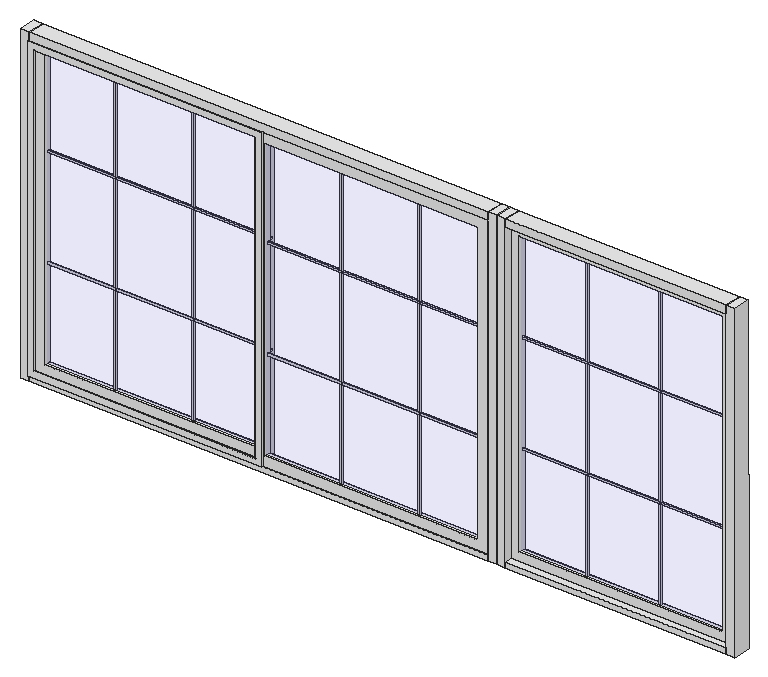
Revit family "Door_Curtain_Wall-Sliding_With_Sidelite-Traco-TR-8300_TR-8350", category Curtain Panels, Revit 2015 (continued)
Definition of nested family "Muntin-Grid-Traco-Lites"
  Nested families (in)
    nested 1: "Muntin-Trapezoid-Traco-Single" at (0, 0, 0.4375), Length <- "Length", visible <- "CTRL Bar Vertical Visibility", type <- "Muntin Type", Material <- "Material", type "H-081"
      with Material none, Length 4' - 0"
    nested 2: "Muntin-Trapezoid-Traco-Single" at (0, 0, 0.4375) x (0, 1, 0) z (0, 0, 1), Length <- "Sash Height", visible <- "CTRL Bar Horizontal Visibility", type <- "Muntin Type", Material <- "Material", type "H-081"
      with Material none, Length 4' - 0"
    nested 3: "Muntin-Trapezoid-Traco-Single" at (0, -8, 0.4375) x (-1, 0, 0) z (0, 0, 1), Length <- "Length", visible <- "CTRL Array Horizontal Visibility", type <- "Muntin Type", Material <- "Material", type "H-081"
      with Material none, Length 4' - 0"
    nested 4: "Muntin-Trapezoid-Traco-Single" at (-8, 0, 0.4375) x (0, -1, 0) z (0, 0, 1), Length <- "Sash Height", visible <- "CTRL Array Horizontal Visibility", type <- "Muntin Type", Material <- "Material", type "H-081"
      with Material none, Length 4' - 0"
    nested 5: "Muntin-Trapezoid-Traco-Single" at (0, 8, 0.4375) x (-1, 0, 0) z (0, 0, 1), Length <- "Length", visible <- "CTRL Array Horizontal Visibility", type <- "Muntin Type", Material <- "Material", type "H-081"
      with Material none, Length 4' - 0"
    nested 6: "Muntin-Trapezoid-Traco-Single" at (8, 0, 0.4375) x (0, -1, 0) z (0, 0, 1), Length <- "Sash Height", visible <- "CTRL Array Horizontal Visibility", type <- "Muntin Type", Material <- "Material", type "H-081"
      with Material none, Length 4' - 0"
  Definition of nested family "Muntin-Trapezoid-Traco-Single"
    Parameters
      Width Top = 0' - 0 7/16"
      Width Base = 0' - 1"
      URL = "http://www.alcoa.com/traco/en/home.asp"
      Product Page URL = "http://www.alcoa.com/traco/en/product.asp?prod_id=4228"
      Product Documentation Link = "http://www.alcoa.com/traco/en/cad_spec.asp?prod_id=4228&area=prod"
      Material [instance] = none
      Manufacturer = "Traco"  # constant formula
      Length [instance] = 1' - 0"
      Height = 0' - 0 5/8"
      Description = "Trapezoidal Profile"
      Copyright © = "2011 Traco"  # constant formula
    Reference planes (in)
      plane 1 "Center (Front/Back)": y = 0
      plane 2 "Original Bottom": z = 0
      plane 3 "Center (Left/Right)": x = 0
      plane 4 "Left": x = -6
      plane 5 "Right": x = 6
      plane 6 "Back": y = 0.5
      plane 7 "Front": y = -0.5
      plane 8 "Back Inset": y = 0.21875
      plane 9 "Front Inset": y = -0.21875
      plane 10 "Top": z = 0.625
      plane 11 "Bottom": z = 0
    Forms (in)
      Sweep 1, solid, material <- "Material", detail levels medium+fine
        path origin (0, 0, 0) x (0, -1, 0) y (1, 0, 0)
          loop
            line (0, 6) -> (0, -6)
        profile origin (0, 0, 0) x (0, -1, 0) y (0, 0, 1)
          loop
            line (0.5, 0) -> (0.21875, 0.625) -> (-0.21875, 0.625) -> (-0.5, 0) -> (0.5, 0)
    Lines and regions (in)
      Masking region 1, detail levels medium+fine
        outline origin (0, 0, 0) x (0, 1, 0) y (0, 0, 1)
          loop
            line (0.5, 0) -> (0.21875, 0.625) -> (-0.21875, 0.625) -> (-0.5, 0) -> (0.5, 0)
      Masking region 2, detail levels medium+fine
        outline origin (0, 0, 0) x (1, 0, 0) y (0, 1, 0)
          loop
            line (6, -0.5) -> (6, 0.5) -> (-6, 0.5) -> (-6, -0.5) -> (6, -0.5)
      Masking region 3, detail levels medium+fine
        outline origin (0, 0, 0) x (1, 0, 0) y (0, 0, 1)
          loop
            line (6, 0) -> (6, 0.625) -> (-6, 0.625) -> (-6, 0) -> (6, 0)
      symbolic lines, detail levels coarse
        curve 1: line (0, 0, 0) -> (0, 0, 0.625)
        curve 2: line (-6, 0, 0) -> (6, 0, 0)
        curve 3: line (-6, 0, 0) -> (-6, 0, 0.625)
        curve 4: line (-6, 0, 0.625) -> (6, 0, 0.625)
        curve 5: line (6, 0, 0.625) -> (6, 0, 0)
      model lines, detail levels coarse
        curve 6: line (-6, 0, 0) -> (6, 0, 0)
    Dimensions and locks (in)
      equal spacing: plane 4 "Left", plane 3 "Center (Left/Right)", plane 5 "Right"
      "Length": plane 4 "Left" to plane 5 "Right"
      equal spacing: plane 6 "Back", plane 1 "Center (Front/Back)", plane 7 "Front"
      "Width Base": plane 7 "Front" to plane 6 "Back"
      equal spacing: plane 8 "Back Inset", plane 1 "Center (Front/Back)", plane 9 "Front Inset"
      "Width Top": plane 9 "Front Inset" to plane 8 "Back Inset"
      locked: plane 11 "Bottom" to plane 2 "Original Bottom" at 0
      "Height": plane 10 "Top" to plane 11 "Bottom"
      aligned and locked: plane 2 "Original Bottom" to level
      aligned and locked: plane 4 "Left" to Sweep 1 sketch curve
      aligned and locked: Sweep 1 sketch curve to plane 1 "Center (Front/Back)"
      aligned and locked: plane 5 "Right" to Sweep 1 sketch curve
      aligned and locked: plane 7 "Front" to Sweep 1 sketch curve
      aligned and locked: plane 11 "Bottom" to Sweep 1 sketch curve  (x2)
      aligned and locked: plane 6 "Back" to Sweep 1 sketch curve
      aligned and locked: plane 10 "Top" to Sweep 1 sketch curve
      aligned and locked: plane 8 "Back Inset" to Sweep 1 sketch curve
      aligned and locked: plane 9 "Front Inset" to Sweep 1 sketch curve
      aligned and locked: Sweep 1 sketch curve to plane 10 "Top"
      aligned and locked: Masking region 1 sketch curve to plane 11 "Bottom"
      aligned and locked: plane 10 "Top" to Masking region 1 sketch curve
      aligned and locked: plane 8 "Back Inset" to Masking region 1 sketch curve
      aligned and locked: plane 9 "Front Inset" to Masking region 1 sketch curve
      aligned and locked: plane 7 "Front" to Masking region 1 sketch curve
      aligned and locked: plane 6 "Back" to Masking region 1 sketch curve
      aligned and locked: curve 1 to plane 1 "Center (Front/Back)"
      aligned and locked: plane 11 "Bottom" to curve 1
      aligned and locked: plane 10 "Top" to curve 1
      aligned and locked: plane 4 "Left" to curve 2
      aligned and locked: plane 5 "Right" to curve 2
      aligned and locked: plane 1 "Center (Front/Back)" to curve 2
      aligned and locked: Masking region 2 sketch curve to plane 4 "Left"
      aligned and locked: Masking region 2 sketch curve to plane 5 "Right"
      aligned and locked: Masking region 2 sketch curve to plane 6 "Back"
      aligned and locked: Masking region 2 sketch curve to plane 7 "Front"
      aligned and locked: Masking region 3 sketch curve to plane 4 "Left"
      aligned and locked: Masking region 3 sketch curve to plane 5 "Right"
      aligned and locked: plane 11 "Bottom" to Masking region 3 sketch curve
      aligned and locked: Masking region 3 sketch curve to plane 10 "Top"
      aligned and locked: plane 11 "Bottom" to curve 3
      aligned and locked: plane 11 "Bottom" to curve 5
      aligned and locked: curve 5 to plane 5 "Right"
      aligned and locked: curve 3 to plane 4 "Left"
      aligned and locked: curve 4 to plane 10 "Top"
      aligned and locked: plane 5 "Right" to curve 6
      aligned and locked: plane 4 "Left" to curve 6
      aligned and locked: plane 1 "Center (Front/Back)" to curve 6
Definition of nested family "Symbolic_Opening_Arrow-Traco"
  Parameters
    Placement Height [instance] = 3' - 4"
    Length = 1' - 8"
    Inset [instance] = 1' - 7"
    Arrow Length = 0' - 3"
    Arrow Height = 0' - 4"
  Reference planes (in)
    plane 1 "Center (Elevation)": y = -2
    plane 2: z = 0
    plane 3 "Left": x = 0
    plane 4 "Right": x = 20
    plane 5 "Reference Level": y = -42
    plane 6 "Right Inset": x = 17
    plane 7 "Top": y = 0
    plane 8 "Bottom": y = -4
    plane 9 "Left Anchor": x = -19
  Lines and regions (in)
    detail lines, in view "Ref. Level"
      curve 1: line (0, -2, 0) -> (20, -2, 0)
      curve 2: line (20, -2, 0) -> (17, 0, 0)
      curve 3: line (20, -2, 0) -> (17, -4, 0)
  Dimensions and locks (in)
    equal spacing: plane 8 "Bottom", plane 1 "Center (Elevation)", plane 7 "Top"
    "Arrow Height": plane 8 "Bottom" to plane 7 "Top"
    "Length": plane 3 "Left" to plane 4 "Right"
    "Arrow Length": plane 6 "Right Inset" to plane 4 "Right"
    "Inset": plane 9 "Left Anchor" to plane 3 "Left"
    "Placement Height": plane 1 "Center (Elevation)" to plane 5 "Reference Level"
    aligned and locked: plane 3 "Left" to curve 1
    aligned and locked: plane 1 "Center (Elevation)" to curve 1
    aligned and locked: plane 6 "Right Inset" to curve 3
    aligned and locked: plane 8 "Bottom" to curve 3
    aligned and locked: plane 1 "Center (Elevation)" to curve 2
    aligned and locked: plane 4 "Right" to curve 2
    aligned and locked: plane 7 "Top" to curve 2
    aligned and locked: plane 6 "Right Inset" to curve 2
